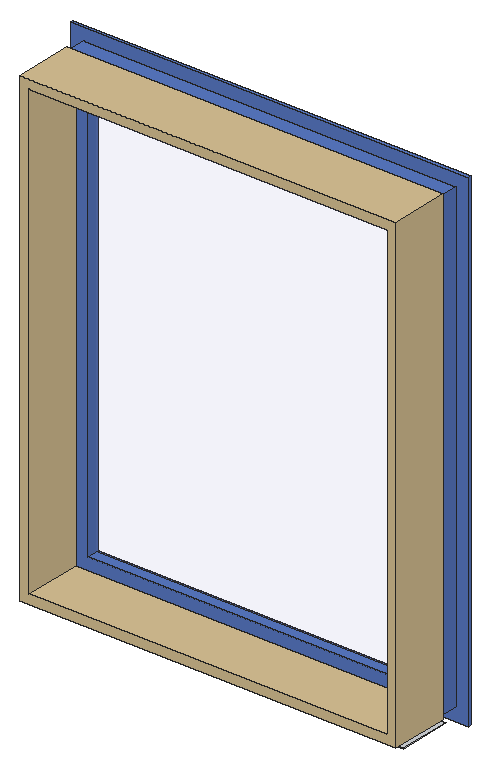
Revit family
Parameters (values of type "800 x 1000")
  WithinWall [instance] = 20 mm
  Structural Gap = 5 mm
  Sill Height [instance] = 900 mm
  Rough Width = Width + (2 * Structural Gap)  # 810 mm
  Rough Height = Height + (2 * Structural Gap)  # 1010 mm
  Packer = 25 mm
  Location [instance] = ""
  Height = 1000 mm
  Wall Closure = (empty or 0)
  Width = 800 mm
  Construction Type = "Al Frame Timber Jamb Liner"
  Assembly Code = ""
Types (3, lengths in mm): name | Rough Width | Rough Height | Packer | Height | Width
  800 x 1000 | 810 | 1010 | 25 | 1000 | 800
  1200 x 400 | 1210 | 410 | 23.9 | 400 | 1200
  1000 x 600 | 1010 | 610 | 23.9 | 600 | 1000
Reference planes
  plane 1: y = 0
  plane 2 "Center (Left/Right)": x = 195
  plane 3 "Left": x = -210
  plane 4 "Right": x = 600
  plane 5 "Sill": z = 900
  plane 6 "Head": z = 1910
  plane 7 "Exterior": y = 75
  plane 8 "Interior": y = -75
  plane 9 "Frame Left": x = -205
  plane 10 "Frame Right": x = 595
  plane 11: z = 1905
  plane 12: z = 905
  plane 13 "Glass Line": y = 55
  plane 14: y = -90
  plane 15: x = -235
  plane 16: x = 625
Forms (mm)
  Sweep 1, solid, detail levels medium+fine
    path origin (0, 55, 0) x (1, 0, 0) y (0, 0, 1)
      loop
        line (600, 900) -> (600, 1910) -> (-210, 1910) -> (-210, 900) -> (600, 900)
    profile origin (195, 0, 0) x (0, 0, -1) y (0, -1, 0)
      loop
        line (-910, -74.653) -> (-910, -34.653) -> (-950, -34.653) -> (-950, -60) -> (-935.384, -74.653) -> (-915.033, -74.653) -> (-915.033, -79.426) -> (-882.319, -79.426) -> (-882.319, -74.653) -> (-910, -74.653)
  Sweep 2, solid, detail levels medium+fine
    path origin (0, 33.978, 0) x (1, 0, 0) y (0, 0, 1)
      loop
        line (595, 905) -> (595, 1905) -> (-205, 1905) -> (-205, 905) -> (595, 905)
    profile origin (195, 0, 0) x (0, 0, -1) y (0, -1, 0)
      loop
        line (-924, -34.653) -> (-905, -34.653) -> (-905, 90) -> (-924, 90) -> (-924, -34.653)
  Extrusion 3, solid
    sketch origin (0, 30, 0) x (1, 0, 0) y (0, 0, 1)
      loop
        line (550, 950) -> (550, 1860) -> (-160, 1860) -> (-160, 950) -> (550, 950)
    from -25 to -30
  Extrusion 4, solid
    sketch origin (0, 0, 900) x (0, -1, 0) y (1, 0, 0)
      loop
        line (75, -210) -> (75, 600) -> (-34.653, 600) -> (-34.653, -210) -> (75, -210)
    from 0 to 1
  Extrusion 5, solid, detail levels coarse
    sketch origin (0, 0, 900) x (0, -1, 0) y (1, 0, 0)
      loop
        line (75, -210) -> (75, 600) -> (-34.653, 600) -> (-34.653, -210) -> (75, -210)
    from 0 to 5
Lines and regions (mm)
  Opening 1
    outline origin (3500, -75, 0) x (1, 0, 0) y (0, 0, 1)
      loop
        line (-2900, 900) -> (-2900, 1910) -> (-3710, 1910) -> (-3710, 900) -> (-2900, 900)
  symbolic lines, detail levels coarse
    curve 1: line (-208, 34.653, 0) -> (598, 34.653, 0)
  symbolic lines, style "WindowsHiddenLines", detail levels medium+fine
    curve 2: line (-210, 75, 0) -> (-210, -75, 0)
    curve 3: line (600, 75, 0) -> (600, -75, 0)
Text (mm)
  text "EXTERIOR" at (-829.993, 663.007, 0), in view "Ref. Level"
  text "INTERIOR" at (-829.993, -863.781, 0), in view "Ref. Level"
  text "Exterior" at (0, 923.751, 2943.296), in view "Right"
  text "Exterior" at (0, 1040.484, 2685.409), in view "Left"
Dimensions and locks
  equal spacing: plane 3 "Left", plane 2 "Center (Left/Right)", plane 4 "Right"
  "Width": plane 9 "Frame Left" to plane 10 "Frame Right"
  "Height": plane 12 to plane 11
  plane 5 "Sill" to level = 900 mm
  locked: plane 7 "Exterior" to host wall at 0
  locked: plane 8 "Interior" to host wall
  "Structural Gap": plane 11 to plane 6 "Head"
  "Structural Gap": plane 5 "Sill" to plane 12
  "Structural Gap": plane 10 "Frame Right" to plane 4 "Right"
  "Structural Gap": plane 9 "Frame Left" to plane 3 "Left"
  "WithinWall": plane 13 "Glass Line" to plane 7 "Exterior"
  locked: plane 14 to plane 8 "Interior" at 15
  locked: plane 13 "Glass Line" to Sweep 1 sketch curve at 20.347
  locked: Extrusion 3 to Extrusion 3 at 5
  "Packer": plane 15 to plane 3 "Left"
  "Packer": plane 4 "Right" to plane 16
  aligned and locked: Sweep 1 to Extrusion 3 sketch curve
  aligned and locked: Extrusion 3 sketch curve to Sweep 1  (x3)
  aligned and locked: plane 5 "Sill" to Sweep 1 sketch curve
  aligned and locked: Sweep 1 sketch curve to plane 6 "Head"
  aligned and locked: Extrusion 3 to plane 13 "Glass Line"
  aligned and locked: Sweep 2 sketch curve to plane 14
  aligned and locked: Sweep 2 sketch curve to Sweep 1
  aligned and locked: plane 9 "Frame Left" to Sweep 2 sketch curve
  aligned and locked: Sweep 2 sketch curve to plane 10 "Frame Right"
  aligned and locked: Sweep 2 sketch curve to plane 11
  aligned and locked: plane 12 to Sweep 2 sketch curve
  aligned and locked: Sweep 2 sketch curve to profile plane
  aligned and locked: Extrusion 5 to Sweep 1
  aligned and locked: Extrusion 4 to Sweep 1
Automatic sketch dimensions
  Opening 1 sketch curve to plane 3 "Left" = 0 mm
  Opening 1 sketch curve to plane 4 "Right" = 0 mm
  Opening 1 sketch curve to plane 5 "Sill" = 0 mm
  Opening 1 sketch curve to plane 6 "Head" = 0 mm
  Sweep 1 sketch curve to plane 9 "Frame Left" = 5 mm
  plane 10 "Frame Right" to Sweep 1 sketch curve = 5 mm
  profile plane to Sweep 1 sketch curve = 50 mm
  Sweep 1 sketch curve to Sweep 1 sketch curve = 14.616 mm
  profile plane to Sweep 1 sketch curve = 15.033 mm
  profile plane to Sweep 1 sketch curve = 10 mm
  Sweep 1 sketch curve to profile plane = 17.681 mm
  Sweep 1 sketch curve to Sweep 1 sketch curve = 4.773 mm
  Sweep 1 sketch curve to Sweep 1 sketch curve = 0 mm
  Sweep 1 sketch curve to Sweep 1 sketch curve = 14.653 mm
  Sweep 1 sketch curve to Sweep 1 sketch curve = 25.347 mm
  Extrusion 4 sketch curve to host wall = 40.347 mm
  Extrusion 4 sketch curve to host wall = 0 mm
  Extrusion 4 sketch curve to plane 3 "Left" = 0 mm
  Extrusion 4 sketch curve to plane 4 "Right" = 0 mm
  Extrusion 5 sketch curve to host wall = 40.347 mm
  Extrusion 5 sketch curve to host wall = 0 mm
  Extrusion 5 sketch curve to plane 3 "Left" = 0 mm
  Extrusion 5 sketch curve to plane 4 "Right" = 0 mm
  profile plane to Sweep 2 sketch curve = 19 mm
  curve 2 to host wall = 0 mm  (x2)
  curve 2 to plane 3 "Left" = 0 mm
  curve 3 to host wall = 0 mm  (x2)
  curve 3 to plane 4 "Right" = 0 mm
  curve 1 to plane 3 "Left" = 2 mm
  plane 4 "Right" to curve 1 = 2 mm
  plane 13 "Glass Line" to curve 1 = 20.347 mm
